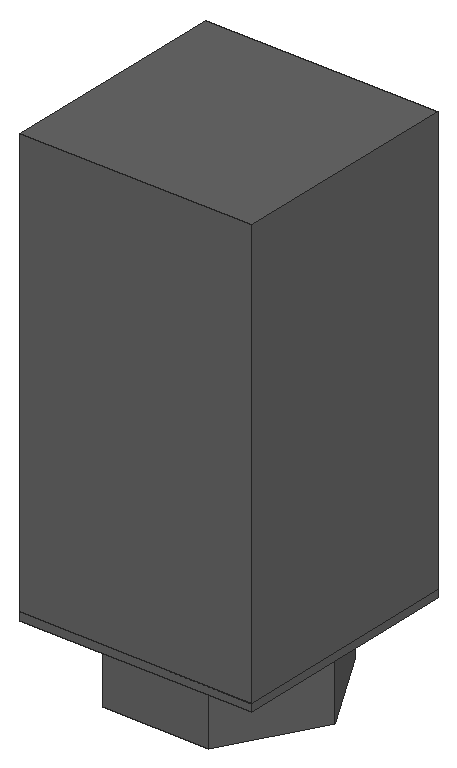
Revit family "LTC-6SQD-S", category Lighting Fixtures, host Face, Revit 2017
Family settings
  Host = Face
  Round Connector Dimension = Use Diameter
  Part Type = Normal
  OmniClass Number = 23.80.70.11.14.11
  OmniClass Title = Downlights
  Cut with Voids When Loaded = No
  Light Source = Yes
  Shared = Yes
  Room Calculation Point = No
Parameters (values of type "LTC-6SQD-S")
  Width = 7.58984"
  Wattage Comments = "8-25"  # constant formula
  Wattage = 25 W
  built-in parameter 1150110 = 1 (stored number, unit not read)
  Voltage = if(Is 120V, 120 V, 277 V)  # 120 V
  URL = "https://www.hubbell.com/prescolite/en"
  built-in parameter 1114217 = 1 (stored number, unit not read)
  Tilt Angle = -90.00°
  built-in parameter 1150109 = 1 (stored number, unit not read)
  built-in parameter 1150134 = (empty or 0)
  built-in parameter 1150113 = 1 (stored number, unit not read)
  SRMD = no
  Reflector Finish = Paint - Hubbell - Carbon Black
  Recessed = yes
  Product Page URL = "https://www.hubbell.com/prescolite/en/Products/Lighting-Controls/Commercial-Indoor-Lighting/Cylinders/LITEISTRY-6-Square-Cylinder-wSpectraSync/p/3775908"
  Product Material = Paint - Hubbell - Carbon Black
  Product Documentation Link = "https://hubbellcdn.com/specsheet/LTC-6SQD%20SpectraSync.pdf"
  Photometric Web File = "LTC-6SQD-P-06L35K8MD-DM1-S-BL.ies"
  Photometric Notes = "More IES files download on Photometric Web Link"  # constant formula
  Model = "LTC-6SQD"  # constant formula
  Manufacturer = "Prescolite"  # constant formula
  built-in parameter 1150105 = -6252400 (stored number, unit not read)
  Lumens = 2200 lm
  built-in parameter 1150115 = 1 (stored number, unit not read)
  Load Classification = Lighting
  built-in parameter 1150137 = (empty or 0)
  built-in parameter 1150139 = (empty or 0)
  built-in parameter 1150112 = 1 (stored number, unit not read)
  built-in parameter 1150114 = 1 (stored number, unit not read)
  Lamp = " LED's"  # constant formula
  Is 277V = not(Is 120V)  # no
  Is 120V = yes
  built-in parameter 1150132 = (empty or 0)
  built-in parameter 1150102 = (empty or 0)
  built-in parameter 1150107 = 3000 (stored number, unit not read)
  built-in parameter 1150138 = (empty or 0)
  built-in parameter 1150106 = -62524 (stored number, unit not read)
  Height = 14.00"
  Glass = Hubbell - White Glass
  Frequency = 60 Hz  # constant formula
  Features = "•\t6 inch architectural LED downlight cylinder delivering 600–2500 lm \r\n•\t4 beam distributions from 0.6 to 1.2 Spacing Criteria \r\n•\tQuiet reflector appearance with 50º optical cutoff \r\n•\tSpectraSync(TM) Color Tuning technology allows flexibility to tailor CCT to aesthetic preferences Available in Dim To Warm (2200K-3000K) or Tunable White (2700K-5000K or 2700K-6500K), 90 CRI \r\n•\tAvailable in Surface, Wall, Pendant, or Cable/Cord Mount configurations \r\n•\tVersatile canopy options for recessed and surface-mounted J-box applications \r\n•\tStandard with 0-10V dimming to 5%\r\n"  # constant formula
  Emit from Rectangle Width = Width  # 7.58984"
  Emit from Rectangle Length = Width  # 7.58984"
  Emit Shape Visible in Rendering = yes
  built-in parameter 1150104 = 8.1755 (stored number, unit not read)
  Dimming Lamp Color Temperature Shift = <None>
  Description = "LITEISTRY™ 6inch Square Cylinder with color turing"  # constant formula
  Default Elevation = 48.00"
  Contact Us = "https://www.hubbell.com/prescolite/en/contactUs"
  Connector Description = "Lighting Connector"  # constant formula
  Color Filter = 16777215
  Ceiling Thickness [instance] = 1.25"
  Cutout Radius = 3.125"
  Ceiling Cutout = Cutout Radius * 2  # 6.25"
  Canopy width = 7.58984"
  Canopy Height = 0.25"
  built-in parameter 1114218 = 1 (stored number, unit not read)
  built-in parameter 1150133 = 10 (stored number, unit not read)
  Apparent Load = 52 VA
Types (3): name | Recessed | Canopy width | Canopy Height
  (no name) | yes | 7.58984" | 0.25"
  LTC-6SQD-S | yes | 7.58984" | 0.25"
  LTC-6SQD-SCC | no | 7.75" | 3.00"
Reference planes (in)
  plane 1 "Center (Front/Back)": y = 0
  plane 2: z = 0
  plane 3 "Center (Left/Right)": x = 0
  plane 4: x = 3
  plane 5: x = -3
  plane 6: y = 3
  plane 7: y = -3
  plane 8: x = 3.79492
  plane 9: x = -3.79492
  plane 10: y = 3.79492
  plane 11: y = -3.79492
  plane 12: z = -6
  plane 13: x = 3.79492
  plane 14: x = -3.79492
  plane 15: z = 0.25
  plane 16: y = 3.79492
  plane 17: y = -3.79492
  plane 18: z = 14.25
Forms (in)
  Extrusion 1, void
    sketch origin (0, 0, 0) x (1, 0, 0) y (0, 1, 0)
      loop
        circle (0, 0) r 3.125
    from -1.25 to 0
  Extrusion 2, solid, material "Paint - Hubbell - Carbon Black" <- "Product Material", visible <- "Recessed"
    sketch origin (0, 0, 0) x (1, 0, 0) y (0, 1, 0)
      loop
        line (-1.73205, 3) -> (-3.4641, 0) -> (-1.73205, -3) -> (1.73205, -3) -> (3.4641, 0) -> (1.73205, 3) -> (-1.73205, 3)
    from -2.14078 to 0
  Extrusion 3, solid, material "Paint - Hubbell - Carbon Black" <- "Product Material"
    sketch origin (0, 0, 0) x (1, 0, 0) y (0, 0, 1)
      loop
        line (-3.79492, 0) -> (3.79492, 0) -> (3.79492, 0.25) -> (-3.79492, 0.25) -> (-3.79492, 0)
    from -3.79492 to 3.79492
  Extrusion 4, solid, material "Paint - Hubbell - Carbon Black" <- "Product Material"
    sketch origin (0, 0, 5) x (1, 0, 0) y (0, 1, 0)
      loop
        line (-3.79492, 3.79492) -> (-3.79492, -3.79492) -> (3.79492, -3.79492) -> (3.79492, 3.79492) -> (-3.79492, 3.79492)
    from -4.75 to 9.25
Dimensions and locks (in)
  equal spacing: plane 9, plane 3 "Center (Left/Right)", plane 8
  equal spacing: plane 11, plane 1 "Center (Front/Back)", plane 10
  "Width": plane 11 to plane 10
  "Width": plane 9 to plane 8
  "Canopy Height": plane 15 to plane 2
  equal spacing: plane 13, plane 3 "Center (Left/Right)", plane 14
  "Canopy width": plane 13 to plane 14
  "Canopy width": plane 16 to plane 17
  equal spacing: plane 16, plane 1 "Center (Front/Back)", plane 17
  "Height": plane 18 to plane 15
  "Cutout Radius": radius of Extrusion 1 sketch curve
  aligned and locked: plane 2 to host face
  aligned and locked: level to host face
  aligned and locked: level to Extrusion 1
  aligned and locked: plane 1 "Center (Front/Back)" to Extrusion 1 sketch curve
  aligned and locked: plane 3 "Center (Left/Right)" to Extrusion 1 sketch curve
  aligned and locked: plane 3 "Center (Left/Right)" to imposter light
  aligned and locked: Extrusion 3 sketch curve to host face
  aligned and locked: Extrusion 3 sketch curve to plane 14
  aligned and locked: Extrusion 3 sketch curve to plane 15
  aligned and locked: plane 13 to Extrusion 3 sketch curve
  aligned and locked: Extrusion 3 to plane 16
  aligned and locked: plane 17 to Extrusion 3
  aligned and locked: plane 15 to Extrusion 4
  aligned and locked: Extrusion 4 to plane 18
  aligned and locked: imposter light to plane 18
  aligned and locked: plane 2 to Extrusion 2
Automatic sketch dimensions
  host sketch curve to host sketch curve = 96.00"  (x2)
  Extrusion 4 sketch curve to plane 9 = 0.00"
  Extrusion 4 sketch curve to plane 8 = 0.00"
  plane 11 to Extrusion 4 sketch curve = 0.00"
  plane 10 to Extrusion 4 sketch curve = 0.00"
  plane 1 "Center (Front/Back)" to Extrusion 2 sketch curve = 0.00"  (x2)
  plane 6 to Extrusion 2 sketch curve = 0.00"
  plane 7 to Extrusion 2 sketch curve = 0.00"
  plane 9 to Extrusion 2 sketch curve = 0.33082"
  plane 5 to Extrusion 2 sketch curve = 1.26795"  (x2)
  Extrusion 2 sketch curve to plane 4 = 1.26795"  (x2)
  Extrusion 2 sketch curve to plane 8 = 0.33082"
Connectors (in)
  electrical at (0, 0, 0), driven by "Connector Description", driven by "Voltage", driven by "Apparent Load", driven by "Load Classification"
    settings: on host face, index 1, voltage 120 V, apparent load 52 VA, apparent load phase1 0 VA, apparent load phase2 0 VA, apparent load phase3 0 VA, power factor 0.9, load classification "Lighting", number of poles 1, system type 30, power factor state 1, is connector primary yes, connector utility no, sub classification motor no, connector description "Lighting Connector"
